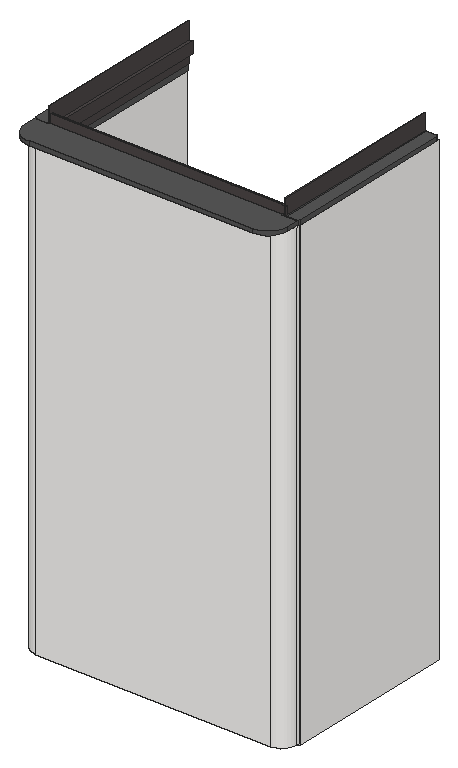
Revit family "vanity unit for handrinse basin, door hinge", category Furniture, Revit 2019 (continued)
Definition of nested family "vanity unit 340_245 for handrinse basin, door hinge right-54015000-high gloss white-chrome-200_content"
  Parameters (values of type "Vanity unit 340_245 for handrinse basin, door hinge right-54015000-High Gloss White-CHROME-200_Content")
    etim7_EC011381 = "EC011381"
    WEIGHT = "9.9"
    UNSPSC = "56 | Furniture and Furnishings"
    UNIFORMATII = "E2010 | Fixed Furnishings"
    UNICLASS_2015_CODE = "40_30_78_05"
    UNICLASS2015 = "Pr_40_30_78_05 | Bathroom furniture"
    SURFACE = "CHROME"
    REGIONSET = "Worldwide"
    PRODUCTURL = "https://pro.hansgrohe.com/articledetail--54015000"
    PRODUCTGROUP = "vanity unit"
    PRODUCTFAMILY = "Xelu Q"
    PERMALINK = "54015XXX"
    OMNICLASS = "23-21 19 15 33 13 | Residential Bathroom Specialty Casework"
    OBJECTTYPE = "Object (single object)"
    OBERFLAECHE = "High Gloss White"
    NN = "Vanity Unit for handrinse basin, door hinge"
    NBSYN = "$BASENUMBER.-$ARTNR.-$OBERFLAECHE.-$SURFACE.-$LODLEVEL."
    NB = "Vanity unit 340/245 for handrinse basin, door hinge right-54015000-High Gloss White-CHROME-200"
    NAME = "Xelu Q Vanity unit High Gloss White 340/245 for handrinse basin, door hinge right"
    Model = "Vanity unit 340/245 for handrinse basin, door hinge right-54015000-High Gloss White-CHROME-200"
    Manufacturer = "Hansgrohe"
    MASTERFORMAT = "12 35 30.23 | Bathroom Casework"
    LODLEVEL = "200"
    LINA = "Vanity unit 340/245 for handrinse basin, door hinge right-54015000-High Gloss White-CHROME-200"
    L = 340
    IFC = "Furnishing element"
    GTINCODE = "4059625455012"
    ETIM = "EC011381 | Bathroom furniture set"
    Default Elevation = 1219.2 mm
    DESIGN = "Germany"
    ContentVisible [instance] = yes
    CATALOG = "Hansgrohe"
    BIMOBJECT = "Sanitary: Compound units"
    BASENUMBER = "Vanity unit 340/245 for handrinse basin, door hinge right"
    ARTNR = "54015000"
  Reference planes
    plane 1 "Center (Front/Back)": y = 0
    plane 2: z = 0
    plane 3 "Center (Left/Right)": x = 0
  Forms (mm)
    Extrusion 1, solid, visible <- "ContentVisible", detail levels medium+fine
      sketch origin (0, 0, 0) x (1, 0, 0) y (0, 1, 0)
        loop
          line (-170, 0) -> (-170, -246) -> (170, -246) -> (170, 0) -> (154, 0) -> (154, -72) -> (-154, -72) -> (-154, 0) -> (-170, 0)
      from 0 to 600
    Extrusion 2, solid, visible <- "ContentVisible", detail levels medium+fine
      sketch origin (0, 0, 600) x (1, 0, 0) y (0, 1, 0)
        loop
          line (-168.5, -223.5) -> (-168.5, -266) -> (168.5, -266) -> (168.5, -223.5) -> (-168.5, -223.5)
      from 0 to 5
    Extrusion 3, solid, visible <- "ContentVisible", detail levels medium+fine
      sketch origin (0, 0, 0) x (1, 0, 0) y (0, 0, -1)
        loop
          line (-154, -566.8) -> (-154, -605) -> (-152.5, -605) -> (-152.5, -566.8) -> (-154, -566.8)
      from -225 to 0
    Extrusion 4, solid, visible <- "ContentVisible", detail levels medium+fine
      sketch origin (0, 0, 0) x (1, 0, 0) y (0, 0, -1)
        loop
          line (152.5, -566.8) -> (152.5, -605) -> (154, -605) -> (154, -566.8) -> (152.5, -566.8)
      from -225 to 0
    Extrusion 5, solid, visible <- "ContentVisible", detail levels medium+fine
      sketch origin (0, 0, 600) x (1, 0, 0) y (0, 1, 0)
        loop
          line (-170, 0) -> (-170, -225) -> (-154, -225) -> (-154, 0) -> (-170, 0)
      from 0 to 5
    Extrusion 6, solid, visible <- "ContentVisible", detail levels medium+fine
      sketch origin (0, 0, 600) x (1, 0, 0) y (0, 1, 0)
        loop
          line (154, 0) -> (154, -225) -> (170, -225) -> (170, 0) -> (154, 0)
      from 0 to 5
    Extrusion 7, solid, visible <- "ContentVisible", detail levels medium+fine
      sketch origin (0, 0, 0) x (1, 0, 0) y (0, 0, -1)
        loop
          line (-152.5, -575.3) -> (-152.5, -624.5) -> (-146.4, -624.5) -> (-146.4, -575.3) -> (-152.5, -575.3)
      from -223.5 to 0
    Extrusion 8, solid, visible <- "ContentVisible", detail levels medium+fine
      sketch origin (0, 0, 0) x (1, 0, 0) y (0, 0, -1)
        loop
          line (146.4, -575.3) -> (146.4, -624.5) -> (152.5, -624.5) -> (152.5, -575.3) -> (146.4, -575.3)
      from -223.5 to 0
    Extrusion 9, solid, visible <- "ContentVisible", detail levels medium+fine
      sketch origin (0, 0, 0) x (0, 0, -1) y (0, 1, 0)
        loop
          line (-616, -223.5) -> (-567, -223.5) -> (-567, -217.4) -> (-616, -217.4) -> (-616, -223.5)
      from -152.5 to 152.5
    Extrusion 10, solid, visible <- "ContentVisible", detail levels coarse
      sketch origin (0, -133, 0) x (1, 0, 0) y (0, 1, 0)
        loop
          line (-170, -133) -> (170, -133) -> (170, 133) -> (-170, 133) -> (-170, -133)
      from 0 to 624.5
  Dimensions and locks
    aligned and locked: level to plane 2
Definition of nested family "vanity unit 340_245 for handrinse basin, door hinge right-54015000-high gloss white-chrome-400_content"
  Parameters (values of type "Vanity unit 340_245 for handrinse basin, door hinge right-54015000-High Gloss White-CHROME-400_Content")
    etim7_EC011381 = "EC011381"
    WEIGHT = "9.9"
    UNSPSC = "56 | Furniture and Furnishings"
    UNIFORMATII = "E2010 | Fixed Furnishings"
    UNICLASS_2015_CODE = "40_30_78_05"
    UNICLASS2015 = "Pr_40_30_78_05 | Bathroom furniture"
    SURFACE = "CHROME"
    REGIONSET = "Worldwide"
    PRODUCTURL = "https://pro.hansgrohe.com/articledetail--54015000"
    PRODUCTGROUP = "vanity unit"
    PRODUCTFAMILY = "Xelu Q"
    PERMALINK = "54015XXX"
    OMNICLASS = "23-21 19 15 33 13 | Residential Bathroom Specialty Casework"
    OBJECTTYPE = "Object (single object)"
    OBERFLAECHE = "High Gloss White"
    NN = "Vanity Unit for handrinse basin, door hinge"
    NBSYN = "$BASENUMBER.-$ARTNR.-$OBERFLAECHE.-$SURFACE.-$LODLEVEL."
    NB = "Vanity unit 340/245 for handrinse basin, door hinge right-54015000-High Gloss White-CHROME-400"
    NAME = "Xelu Q Vanity unit High Gloss White 340/245 for handrinse basin, door hinge right"
    Model = "Vanity unit 340/245 for handrinse basin, door hinge right-54015000-High Gloss White-CHROME-400"
    Manufacturer = "Hansgrohe"
    MASTERFORMAT = "12 35 30.23 | Bathroom Casework"
    LODLEVEL = "400"
    LINA = "Vanity unit 340/245 for handrinse basin, door hinge right-54015000-High Gloss White-CHROME-400"
    L = 340
    IFC = "Furnishing element"
    GTINCODE = "4059625455012"
    ETIM = "EC011381 | Bathroom furniture set"
    Default Elevation = 1219.2 mm
    DESIGN = "Germany"
    ContentVisible [instance] = yes
    CATALOG = "Hansgrohe"
    BIMOBJECT = "Sanitary: Compound units"
    BASENUMBER = "Vanity unit 340/245 for handrinse basin, door hinge right"
    ARTNR = "54015000"
  Reference planes
    plane 1 "Center (Front/Back)": y = 0
    plane 2: z = 0
    plane 3 "Center (Left/Right)": x = 0
  Forms (mm)
    Extrusion 1, solid, visible <- "ContentVisible", detail levels medium+fine
      sketch origin (0, 0, 0) x (1, 0, 0) y (0, 1, 0)
        loop
          line (-170, 0) -> (-170, -222)
          arc (-170, -222) -> (-169.121, -224.121) -> (-167, -225) r 3
          line (-167, -225) -> (-154, -225) -> (-154, 0) -> (-170, 0)
      from 0 to 600
    Extrusion 2, solid, visible <- "ContentVisible", detail levels medium+fine
      sketch origin (0, 0, 2) x (1, 0, 0) y (0, 1, 0)
        loop
          line (-154, -88) -> (-154, -225) -> (154, -225) -> (154, -88) -> (-154, -88)
      from 0 to 16
    Extrusion 3, solid, visible <- "ContentVisible", detail levels medium+fine
      sketch origin (0, 0, 0) x (1, 0, 0) y (0, 1, 0)
        loop
          line (154, 0) -> (154, -225) -> (167, -225)
          arc (167, -225) -> (169.121, -224.121) -> (170, -222) r 3
          line (170, -222) -> (170, 0) -> (154, 0)
      from 0 to 600
    Extrusion 4, solid, visible <- "ContentVisible", detail levels medium+fine
      sketch origin (0, 0, 2) x (1, 0, 0) y (0, 1, 0)
        loop
          line (-154, -72) -> (-154, -88) -> (154, -88) -> (154, -72) -> (-154, -72)
      from 0 to 126
    Extrusion 5, solid, visible <- "ContentVisible", detail levels medium+fine
      sketch origin (0, 0, 2) x (1, 0, 0) y (0, 1, 0)
        loop
          arc (-170, -227) -> (-164.435, -240.435) -> (-151, -246) r 19
          line (-151, -246) -> (151, -246)
          arc (151, -246) -> (164.435, -240.435) -> (170, -227) r 19
          line (170, -227) -> (170, -225) -> (-170, -225) -> (-170, -227)
      from 0 to 598
    Extrusion 6, solid, visible <- "ContentVisible", detail levels medium+fine
      sketch origin (0, 0, 600) x (1, 0, 0) y (0, 1, 0)
        loop
          line (-168.5, -225) -> (-168.5, -241)
          arc (-168.5, -241) -> (-161.178, -258.678) -> (-143.5, -266) r 25
          line (-143.5, -266) -> (143.5, -266)
          arc (143.5, -266) -> (161.178, -258.678) -> (168.5, -241) r 25
          line (168.5, -241) -> (168.5, -225) -> (148.5, -225) -> (148.5, -223.5) -> (-148.5, -223.5) -> (-148.5, -225) -> (-168.5, -225)
      from 0 to 5
    Extrusion 7, solid, visible <- "ContentVisible", detail levels medium+fine
      sketch origin (0, 0, 0) x (0, 0, -1) y (0, 1, 0)
        loop
          line (-600, -223.5) -> (-600, -225) -> (-570, -225) -> (-570, -223.5) -> (-600, -223.5)
      from -148.5 to 148.5
    Extrusion 8, solid, visible <- "ContentVisible", detail levels medium+fine
      sketch origin (0, 0, 0) x (1, 0, 0) y (0, 0, -1)
        loop
          line (-154, -566.8) -> (-154, -605) -> (-152.5, -605) -> (-152.5, -566.8) -> (-154, -566.8)
      from -225 to 0
    Extrusion 9, solid, visible <- "ContentVisible", detail levels medium+fine
      sketch origin (0, 0, 0) x (1, 0, 0) y (0, 0, -1)
        loop
          line (152.5, -566.8) -> (152.5, -605) -> (154, -605) -> (154, -566.8) -> (152.5, -566.8)
      from -225 to 0
    Extrusion 10, solid, visible <- "ContentVisible", detail levels medium+fine
      sketch origin (0, 0, 600) x (1, 0, 0) y (0, 1, 0)
        loop
          line (-170, -3) -> (-170, -222)
          arc (-170, -222) -> (-169.121, -224.121) -> (-167, -225) r 3
          line (-167, -225) -> (-154, -225) -> (-154, 0) -> (-167, 0)
          arc (-167, 0) -> (-169.121, -0.879) -> (-170, -3) r 3
      from 0 to 5
    Extrusion 11, solid, visible <- "ContentVisible", detail levels medium+fine
      sketch origin (0, 0, 600) x (1, 0, 0) y (0, 1, 0)
        loop
          line (154, 0) -> (154, -225) -> (167, -225)
          arc (167, -225) -> (169.121, -224.121) -> (170, -222) r 3
          line (170, -222) -> (170, -3)
          arc (170, -3) -> (169.121, -0.879) -> (167, 0) r 3
          line (167, 0) -> (154, 0)
      from 0 to 5
    Extrusion 12, solid, visible <- "ContentVisible", detail levels medium+fine
      sketch origin (0, 0, 0) x (1, 0, 0) y (0, 0, -1)
        loop
          line (-152.5, -575.3) -> (-152.5, -624.5) -> (-151, -624.5) -> (-151, -602.8) -> (-146.4, -602.8) -> (-146.4, -588.3) -> (-151, -588.3) -> (-151, -575.3) -> (-152.5, -575.3)
      from -223.5 to 0
    Extrusion 13, solid, visible <- "ContentVisible", detail levels medium+fine
      sketch origin (0, 0, 0) x (1, 0, 0) y (0, 0, -1)
        loop
          line (146.4, -588.3) -> (146.4, -602.8) -> (151, -602.8) -> (151, -624.5) -> (152.5, -624.5) -> (152.5, -575.3) -> (151, -575.3) -> (151, -588.3) -> (146.4, -588.3)
      from -223.5 to 0
    Extrusion 14, solid, visible <- "ContentVisible", detail levels medium+fine
      sketch origin (0, 0, 0) x (0, 0, -1) y (0, 1, 0)
        loop
          line (-616, -223.5) -> (-567, -223.5) -> (-567, -222) -> (-588.5, -222) -> (-588.5, -217.4) -> (-603, -217.4) -> (-603, -222) -> (-616, -222) -> (-616, -223.5)
      from -152.5 to 152.5
    Extrusion 15, solid, visible <- "ContentVisible", detail levels coarse
      sketch origin (0, -133, 0) x (1, 0, 0) y (0, 1, 0)
        loop
          line (-170, -133) -> (170, -133) -> (170, 133) -> (-170, 133) -> (-170, -133)
      from 0 to 624.5
  Dimensions and locks
    aligned and locked: level to plane 2
Definition of nested family "vanity unit 340_245 for handrinse basin, door hinge right-54015670-high gloss white-matt_black-200_content"
  Parameters (values of type "Vanity unit 340_245 for handrinse basin, door hinge right-54015670-High Gloss White-MATT_BLACK-200_Content")
    etim7_EC011381 = "EC011381"
    WEIGHT = "9.9"
    UNSPSC = "56 | Furniture and Furnishings"
    UNIFORMATII = "E2010 | Fixed Furnishings"
    UNICLASS_2015_CODE = "40_30_78_05"
    UNICLASS2015 = "Pr_40_30_78_05 | Bathroom furniture"
    SURFACE = "MATT_BLACK"
    REGIONSET = "Worldwide"
    PRODUCTURL = "https://pro.hansgrohe.com/articledetail--54015000"
    PRODUCTGROUP = "vanity unit"
    PRODUCTFAMILY = "Xelu Q"
    PERMALINK = "54015XXX"
    OMNICLASS = "23-21 19 15 33 13 | Residential Bathroom Specialty Casework"
    OBJECTTYPE = "Object (single object)"
    OBERFLAECHE = "High Gloss White"
    NN = "Vanity Unit for handrinse basin, door hinge"
    NBSYN = "$BASENUMBER.-$ARTNR.-$OBERFLAECHE.-$SURFACE.-$LODLEVEL."
    NB = "Vanity unit 340/245 for handrinse basin, door hinge right-54015670-High Gloss White-MATT_BLACK-200"
    NAME = "Xelu Q Vanity unit High Gloss White 340/245 for handrinse basin, door hinge right"
    Model = "Vanity unit 340/245 for handrinse basin, door hinge right-54015670-High Gloss White-MATT_BLACK-200"
    Manufacturer = "Hansgrohe"
    MASTERFORMAT = "12 35 30.23 | Bathroom Casework"
    LODLEVEL = "200"
    LINA = "Vanity unit 340/245 for handrinse basin, door hinge right-54015670-High Gloss White-MATT_BLACK-200"
    L = 340
    IFC = "Furnishing element"
    GTINCODE = "4059625455012"
    ETIM = "EC011381 | Bathroom furniture set"
    Default Elevation = 1219.2 mm
    DESIGN = "Germany"
    ContentVisible [instance] = yes
    CATALOG = "Hansgrohe"
    BIMOBJECT = "Sanitary: Compound units"
    BASENUMBER = "Vanity unit 340/245 for handrinse basin, door hinge right"
    ARTNR = "54015670"
  Reference planes
    plane 1 "Center (Front/Back)": y = 0
    plane 2: z = 0
    plane 3 "Center (Left/Right)": x = 0
  Forms (mm)
    Extrusion 1, solid, visible <- "ContentVisible", detail levels medium+fine
      sketch origin (0, 0, 0) x (1, 0, 0) y (0, 1, 0)
        loop
          line (-170, 0) -> (-170, -246) -> (170, -246) -> (170, 0) -> (154, 0) -> (154, -72) -> (-154, -72) -> (-154, 0) -> (-170, 0)
      from 0 to 600
    Extrusion 2, solid, visible <- "ContentVisible", detail levels medium+fine
      sketch origin (0, 0, 600) x (1, 0, 0) y (0, 1, 0)
        loop
          line (-168.5, -223.5) -> (-168.5, -266) -> (168.5, -266) -> (168.5, -223.5) -> (-168.5, -223.5)
      from 0 to 5
    Extrusion 3, solid, visible <- "ContentVisible", detail levels medium+fine
      sketch origin (0, 0, 0) x (1, 0, 0) y (0, 0, -1)
        loop
          line (-154, -566.8) -> (-154, -605) -> (-152.5, -605) -> (-152.5, -566.8) -> (-154, -566.8)
      from -225 to 0
    Extrusion 4, solid, visible <- "ContentVisible", detail levels medium+fine
      sketch origin (0, 0, 0) x (1, 0, 0) y (0, 0, -1)
        loop
          line (152.5, -566.8) -> (152.5, -605) -> (154, -605) -> (154, -566.8) -> (152.5, -566.8)
      from -225 to 0
    Extrusion 5, solid, visible <- "ContentVisible", detail levels medium+fine
      sketch origin (0, 0, 600) x (1, 0, 0) y (0, 1, 0)
        loop
          line (-170, 0) -> (-170, -225) -> (-154, -225) -> (-154, 0) -> (-170, 0)
      from 0 to 5
    Extrusion 6, solid, visible <- "ContentVisible", detail levels medium+fine
      sketch origin (0, 0, 600) x (1, 0, 0) y (0, 1, 0)
        loop
          line (154, 0) -> (154, -225) -> (170, -225) -> (170, 0) -> (154, 0)
      from 0 to 5
    Extrusion 7, solid, visible <- "ContentVisible", detail levels medium+fine
      sketch origin (0, 0, 0) x (1, 0, 0) y (0, 0, -1)
        loop
          line (-152.5, -575.3) -> (-152.5, -624.5) -> (-146.4, -624.5) -> (-146.4, -575.3) -> (-152.5, -575.3)
      from -223.5 to 0
    Extrusion 8, solid, visible <- "ContentVisible", detail levels medium+fine
      sketch origin (0, 0, 0) x (1, 0, 0) y (0, 0, -1)
        loop
          line (146.4, -575.3) -> (146.4, -624.5) -> (152.5, -624.5) -> (152.5, -575.3) -> (146.4, -575.3)
      from -223.5 to 0
    Extrusion 9, solid, visible <- "ContentVisible", detail levels medium+fine
      sketch origin (0, 0, 0) x (0, 0, -1) y (0, 1, 0)
        loop
          line (-616, -223.5) -> (-567, -223.5) -> (-567, -217.4) -> (-616, -217.4) -> (-616, -223.5)
      from -152.5 to 152.5
    Extrusion 10, solid, visible <- "ContentVisible", detail levels coarse
      sketch origin (0, -133, 0) x (1, 0, 0) y (0, 1, 0)
        loop
          line (-170, -133) -> (170, -133) -> (170, 133) -> (-170, 133) -> (-170, -133)
      from 0 to 624.5
  Dimensions and locks
    aligned and locked: level to plane 2
Definition of nested family "vanity unit 340_245 for handrinse basin, door hinge right-54015670-high gloss white-matt_black-400_content"
  Parameters (values of type "Vanity unit 340_245 for handrinse basin, door hinge right-54015670-High Gloss White-MATT_BLACK-400_Content")
    etim7_EC011381 = "EC011381"
    WEIGHT = "9.9"
    UNSPSC = "56 | Furniture and Furnishings"
    UNIFORMATII = "E2010 | Fixed Furnishings"
    UNICLASS_2015_CODE = "40_30_78_05"
    UNICLASS2015 = "Pr_40_30_78_05 | Bathroom furniture"
    SURFACE = "MATT_BLACK"
    REGIONSET = "Worldwide"
    PRODUCTURL = "https://pro.hansgrohe.com/articledetail--54015000"
    PRODUCTGROUP = "vanity unit"
    PRODUCTFAMILY = "Xelu Q"
    PERMALINK = "54015XXX"
    OMNICLASS = "23-21 19 15 33 13 | Residential Bathroom Specialty Casework"
    OBJECTTYPE = "Object (single object)"
    OBERFLAECHE = "High Gloss White"
    NN = "Vanity Unit for handrinse basin, door hinge"
    NBSYN = "$BASENUMBER.-$ARTNR.-$OBERFLAECHE.-$SURFACE.-$LODLEVEL."
    NB = "Vanity unit 340/245 for handrinse basin, door hinge right-54015670-High Gloss White-MATT_BLACK-400"
    NAME = "Xelu Q Vanity unit High Gloss White 340/245 for handrinse basin, door hinge right"
    Model = "Vanity unit 340/245 for handrinse basin, door hinge right-54015670-High Gloss White-MATT_BLACK-400"
    Manufacturer = "Hansgrohe"
    MASTERFORMAT = "12 35 30.23 | Bathroom Casework"
    LODLEVEL = "400"
    LINA = "Vanity unit 340/245 for handrinse basin, door hinge right-54015670-High Gloss White-MATT_BLACK-400"
    L = 340
    IFC = "Furnishing element"
    GTINCODE = "4059625455012"
    ETIM = "EC011381 | Bathroom furniture set"
    Default Elevation = 1219.2 mm
    DESIGN = "Germany"
    ContentVisible [instance] = yes
    CATALOG = "Hansgrohe"
    BIMOBJECT = "Sanitary: Compound units"
    BASENUMBER = "Vanity unit 340/245 for handrinse basin, door hinge right"
    ARTNR = "54015670"
  Reference planes
    plane 1 "Center (Front/Back)": y = 0
    plane 2: z = 0
    plane 3 "Center (Left/Right)": x = 0
  Forms (mm)
    Extrusion 1, solid, visible <- "ContentVisible", detail levels medium+fine
      sketch origin (0, 0, 0) x (1, 0, 0) y (0, 1, 0)
        loop
          line (-170, 0) -> (-170, -222)
          arc (-170, -222) -> (-169.121, -224.121) -> (-167, -225) r 3
          line (-167, -225) -> (-154, -225) -> (-154, 0) -> (-170, 0)
      from 0 to 600
    Extrusion 2, solid, visible <- "ContentVisible", detail levels medium+fine
      sketch origin (0, 0, 2) x (1, 0, 0) y (0, 1, 0)
        loop
          line (-154, -88) -> (-154, -225) -> (154, -225) -> (154, -88) -> (-154, -88)
      from 0 to 16
    Extrusion 3, solid, visible <- "ContentVisible", detail levels medium+fine
      sketch origin (0, 0, 0) x (1, 0, 0) y (0, 1, 0)
        loop
          line (154, 0) -> (154, -225) -> (167, -225)
          arc (167, -225) -> (169.121, -224.121) -> (170, -222) r 3
          line (170, -222) -> (170, 0) -> (154, 0)
      from 0 to 600
    Extrusion 4, solid, visible <- "ContentVisible", detail levels medium+fine
      sketch origin (0, 0, 2) x (1, 0, 0) y (0, 1, 0)
        loop
          line (-154, -72) -> (-154, -88) -> (154, -88) -> (154, -72) -> (-154, -72)
      from 0 to 126
    Extrusion 5, solid, visible <- "ContentVisible", detail levels medium+fine
      sketch origin (0, 0, 2) x (1, 0, 0) y (0, 1, 0)
        loop
          arc (-170, -227) -> (-164.435, -240.435) -> (-151, -246) r 19
          line (-151, -246) -> (151, -246)
          arc (151, -246) -> (164.435, -240.435) -> (170, -227) r 19
          line (170, -227) -> (170, -225) -> (-170, -225) -> (-170, -227)
      from 0 to 598
    Extrusion 6, solid, visible <- "ContentVisible", detail levels medium+fine
      sketch origin (0, 0, 600) x (1, 0, 0) y (0, 1, 0)
        loop
          line (-168.5, -225) -> (-168.5, -241)
          arc (-168.5, -241) -> (-161.178, -258.678) -> (-143.5, -266) r 25
          line (-143.5, -266) -> (143.5, -266)
          arc (143.5, -266) -> (161.178, -258.678) -> (168.5, -241) r 25
          line (168.5, -241) -> (168.5, -225) -> (148.5, -225) -> (148.5, -223.5) -> (-148.5, -223.5) -> (-148.5, -225) -> (-168.5, -225)
      from 0 to 5
    Extrusion 7, solid, visible <- "ContentVisible", detail levels medium+fine
      sketch origin (0, 0, 0) x (0, 0, -1) y (0, 1, 0)
        loop
          line (-600, -223.5) -> (-600, -225) -> (-570, -225) -> (-570, -223.5) -> (-600, -223.5)
      from -148.5 to 148.5
    Extrusion 8, solid, visible <- "ContentVisible", detail levels medium+fine
      sketch origin (0, 0, 0) x (1, 0, 0) y (0, 0, -1)
        loop
          line (-154, -566.8) -> (-154, -605) -> (-152.5, -605) -> (-152.5, -566.8) -> (-154, -566.8)
      from -225 to 0
    Extrusion 9, solid, visible <- "ContentVisible", detail levels medium+fine
      sketch origin (0, 0, 0) x (1, 0, 0) y (0, 0, -1)
        loop
          line (152.5, -566.8) -> (152.5, -605) -> (154, -605) -> (154, -566.8) -> (152.5, -566.8)
      from -225 to 0
    Extrusion 10, solid, visible <- "ContentVisible", detail levels medium+fine
      sketch origin (0, 0, 600) x (1, 0, 0) y (0, 1, 0)
        loop
          line (-170, -3) -> (-170, -222)
          arc (-170, -222) -> (-169.121, -224.121) -> (-167, -225) r 3
          line (-167, -225) -> (-154, -225) -> (-154, 0) -> (-167, 0)
          arc (-167, 0) -> (-169.121, -0.879) -> (-170, -3) r 3
      from 0 to 5
    Extrusion 11, solid, visible <- "ContentVisible", detail levels medium+fine
      sketch origin (0, 0, 600) x (1, 0, 0) y (0, 1, 0)
        loop
          line (154, 0) -> (154, -225) -> (167, -225)
          arc (167, -225) -> (169.121, -224.121) -> (170, -222) r 3
          line (170, -222) -> (170, -3)
          arc (170, -3) -> (169.121, -0.879) -> (167, 0) r 3
          line (167, 0) -> (154, 0)
      from 0 to 5
    Extrusion 12, solid, visible <- "ContentVisible", detail levels medium+fine
      sketch origin (0, 0, 0) x (1, 0, 0) y (0, 0, -1)
        loop
          line (-152.5, -575.3) -> (-152.5, -624.5) -> (-151, -624.5) -> (-151, -602.8) -> (-146.4, -602.8) -> (-146.4, -588.3) -> (-151, -588.3) -> (-151, -575.3) -> (-152.5, -575.3)
      from -223.5 to 0
    Extrusion 13, solid, visible <- "ContentVisible", detail levels medium+fine
      sketch origin (0, 0, 0) x (1, 0, 0) y (0, 0, -1)
        loop
          line (146.4, -588.3) -> (146.4, -602.8) -> (151, -602.8) -> (151, -624.5) -> (152.5, -624.5) -> (152.5, -575.3) -> (151, -575.3) -> (151, -588.3) -> (146.4, -588.3)
      from -223.5 to 0
    Extrusion 14, solid, visible <- "ContentVisible", detail levels medium+fine
      sketch origin (0, 0, 0) x (0, 0, -1) y (0, 1, 0)
        loop
          line (-616, -223.5) -> (-567, -223.5) -> (-567, -222) -> (-588.5, -222) -> (-588.5, -217.4) -> (-603, -217.4) -> (-603, -222) -> (-616, -222) -> (-616, -223.5)
      from -152.5 to 152.5
    Extrusion 15, solid, visible <- "ContentVisible", detail levels coarse
      sketch origin (0, -133, 0) x (1, 0, 0) y (0, 1, 0)
        loop
          line (-170, -133) -> (170, -133) -> (170, 133) -> (-170, 133) -> (-170, -133)
      from 0 to 624.5
  Dimensions and locks
    aligned and locked: level to plane 2
Definition of nested family "vanity unit 340_245 for handrinse basin, door hinge right-54015700-high gloss white-matt_white-200_content"
  Parameters (values of type "Vanity unit 340_245 for handrinse basin, door hinge right-54015700-High Gloss White-MATT_WHITE-200_Content")
    etim7_EC011381 = "EC011381"
    WEIGHT = "9.9"
    UNSPSC = "56 | Furniture and Furnishings"
    UNIFORMATII = "E2010 | Fixed Furnishings"
    UNICLASS_2015_CODE = "40_30_78_05"
    UNICLASS2015 = "Pr_40_30_78_05 | Bathroom furniture"
    SURFACE = "MATT_WHITE"
    REGIONSET = "Worldwide"
    PRODUCTURL = "https://pro.hansgrohe.com/articledetail--54015000"
    PRODUCTGROUP = "vanity unit"
    PRODUCTFAMILY = "Xelu Q"
    PERMALINK = "54015XXX"
    OMNICLASS = "23-21 19 15 33 13 | Residential Bathroom Specialty Casework"
    OBJECTTYPE = "Object (single object)"
    OBERFLAECHE = "High Gloss White"
    NN = "Vanity Unit for handrinse basin, door hinge"
    NBSYN = "$BASENUMBER.-$ARTNR.-$OBERFLAECHE.-$SURFACE.-$LODLEVEL."
    NB = "Vanity unit 340/245 for handrinse basin, door hinge right-54015700-High Gloss White-MATT_WHITE-200"
    NAME = "Xelu Q Vanity unit High Gloss White 340/245 for handrinse basin, door hinge right"
    Model = "Vanity unit 340/245 for handrinse basin, door hinge right-54015700-High Gloss White-MATT_WHITE-200"
    Manufacturer = "Hansgrohe"
    MASTERFORMAT = "12 35 30.23 | Bathroom Casework"
    LODLEVEL = "200"
    LINA = "Vanity unit 340/245 for handrinse basin, door hinge right-54015700-High Gloss White-MATT_WHITE-200"
    L = 340
    IFC = "Furnishing element"
    GTINCODE = "4059625455012"
    ETIM = "EC011381 | Bathroom furniture set"
    Default Elevation = 1219.2 mm
    DESIGN = "Germany"
    ContentVisible [instance] = yes
    CATALOG = "Hansgrohe"
    BIMOBJECT = "Sanitary: Compound units"
    BASENUMBER = "Vanity unit 340/245 for handrinse basin, door hinge right"
    ARTNR = "54015700"
  Reference planes
    plane 1 "Center (Front/Back)": y = 0
    plane 2: z = 0
    plane 3 "Center (Left/Right)": x = 0
  Forms (mm)
    Extrusion 1, solid, visible <- "ContentVisible", detail levels medium+fine
      sketch origin (0, 0, 0) x (1, 0, 0) y (0, 1, 0)
        loop
          line (-170, 0) -> (-170, -246) -> (170, -246) -> (170, 0) -> (154, 0) -> (154, -72) -> (-154, -72) -> (-154, 0) -> (-170, 0)
      from 0 to 600
    Extrusion 2, solid, visible <- "ContentVisible", detail levels medium+fine
      sketch origin (0, 0, 600) x (1, 0, 0) y (0, 1, 0)
        loop
          line (-168.5, -223.5) -> (-168.5, -266) -> (168.5, -266) -> (168.5, -223.5) -> (-168.5, -223.5)
      from 0 to 5
    Extrusion 3, solid, visible <- "ContentVisible", detail levels medium+fine
      sketch origin (0, 0, 0) x (1, 0, 0) y (0, 0, -1)
        loop
          line (-154, -566.8) -> (-154, -605) -> (-152.5, -605) -> (-152.5, -566.8) -> (-154, -566.8)
      from -225 to 0
    Extrusion 4, solid, visible <- "ContentVisible", detail levels medium+fine
      sketch origin (0, 0, 0) x (1, 0, 0) y (0, 0, -1)
        loop
          line (152.5, -566.8) -> (152.5, -605) -> (154, -605) -> (154, -566.8) -> (152.5, -566.8)
      from -225 to 0
    Extrusion 5, solid, visible <- "ContentVisible", detail levels medium+fine
      sketch origin (0, 0, 600) x (1, 0, 0) y (0, 1, 0)
        loop
          line (-170, 0) -> (-170, -225) -> (-154, -225) -> (-154, 0) -> (-170, 0)
      from 0 to 5
    Extrusion 6, solid, visible <- "ContentVisible", detail levels medium+fine
      sketch origin (0, 0, 600) x (1, 0, 0) y (0, 1, 0)
        loop
          line (154, 0) -> (154, -225) -> (170, -225) -> (170, 0) -> (154, 0)
      from 0 to 5
    Extrusion 7, solid, visible <- "ContentVisible", detail levels medium+fine
      sketch origin (0, 0, 0) x (1, 0, 0) y (0, 0, -1)
        loop
          line (-152.5, -575.3) -> (-152.5, -624.5) -> (-146.4, -624.5) -> (-146.4, -575.3) -> (-152.5, -575.3)
      from -223.5 to 0
    Extrusion 8, solid, visible <- "ContentVisible", detail levels medium+fine
      sketch origin (0, 0, 0) x (1, 0, 0) y (0, 0, -1)
        loop
          line (146.4, -575.3) -> (146.4, -624.5) -> (152.5, -624.5) -> (152.5, -575.3) -> (146.4, -575.3)
      from -223.5 to 0
    Extrusion 9, solid, visible <- "ContentVisible", detail levels medium+fine
      sketch origin (0, 0, 0) x (0, 0, -1) y (0, 1, 0)
        loop
          line (-616, -223.5) -> (-567, -223.5) -> (-567, -217.4) -> (-616, -217.4) -> (-616, -223.5)
      from -152.5 to 152.5
    Extrusion 10, solid, visible <- "ContentVisible", detail levels coarse
      sketch origin (0, -133, 0) x (1, 0, 0) y (0, 1, 0)
        loop
          line (-170, -133) -> (170, -133) -> (170, 133) -> (-170, 133) -> (-170, -133)
      from 0 to 624.5
  Dimensions and locks
    aligned and locked: level to plane 2
Definition of nested family "vanity unit 340_245 for handrinse basin, door hinge right-54015700-high gloss white-matt_white-400_content"
  Parameters (values of type "Vanity unit 340_245 for handrinse basin, door hinge right-54015700-High Gloss White-MATT_WHITE-400_Content")
    etim7_EC011381 = "EC011381"
    WEIGHT = "9.9"
    UNSPSC = "56 | Furniture and Furnishings"
    UNIFORMATII = "E2010 | Fixed Furnishings"
    UNICLASS_2015_CODE = "40_30_78_05"
    UNICLASS2015 = "Pr_40_30_78_05 | Bathroom furniture"
    SURFACE = "MATT_WHITE"
    REGIONSET = "Worldwide"
    PRODUCTURL = "https://pro.hansgrohe.com/articledetail--54015000"
    PRODUCTGROUP = "vanity unit"
    PRODUCTFAMILY = "Xelu Q"
    PERMALINK = "54015XXX"
    OMNICLASS = "23-21 19 15 33 13 | Residential Bathroom Specialty Casework"
    OBJECTTYPE = "Object (single object)"
    OBERFLAECHE = "High Gloss White"
    NN = "Vanity Unit for handrinse basin, door hinge"
    NBSYN = "$BASENUMBER.-$ARTNR.-$OBERFLAECHE.-$SURFACE.-$LODLEVEL."
    NB = "Vanity unit 340/245 for handrinse basin, door hinge right-54015700-High Gloss White-MATT_WHITE-400"
    NAME = "Xelu Q Vanity unit High Gloss White 340/245 for handrinse basin, door hinge right"
    Model = "Vanity unit 340/245 for handrinse basin, door hinge right-54015700-High Gloss White-MATT_WHITE-400"
    Manufacturer = "Hansgrohe"
    MASTERFORMAT = "12 35 30.23 | Bathroom Casework"
    LODLEVEL = "400"
    LINA = "Vanity unit 340/245 for handrinse basin, door hinge right-54015700-High Gloss White-MATT_WHITE-400"
    L = 340
    IFC = "Furnishing element"
    GTINCODE = "4059625455012"
    ETIM = "EC011381 | Bathroom furniture set"
    Default Elevation = 1219.2 mm
    DESIGN = "Germany"
    ContentVisible [instance] = yes
    CATALOG = "Hansgrohe"
    BIMOBJECT = "Sanitary: Compound units"
    BASENUMBER = "Vanity unit 340/245 for handrinse basin, door hinge right"
    ARTNR = "54015700"
  Reference planes
    plane 1 "Center (Front/Back)": y = 0
    plane 2: z = 0
    plane 3 "Center (Left/Right)": x = 0
  Forms (mm)
    Extrusion 1, solid, visible <- "ContentVisible", detail levels medium+fine
      sketch origin (0, 0, 0) x (1, 0, 0) y (0, 1, 0)
        loop
          line (-170, 0) -> (-170, -222)
          arc (-170, -222) -> (-169.121, -224.121) -> (-167, -225) r 3
          line (-167, -225) -> (-154, -225) -> (-154, 0) -> (-170, 0)
      from 0 to 600
    Extrusion 2, solid, visible <- "ContentVisible", detail levels medium+fine
      sketch origin (0, 0, 2) x (1, 0, 0) y (0, 1, 0)
        loop
          line (-154, -88) -> (-154, -225) -> (154, -225) -> (154, -88) -> (-154, -88)
      from 0 to 16
    Extrusion 3, solid, visible <- "ContentVisible", detail levels medium+fine
      sketch origin (0, 0, 0) x (1, 0, 0) y (0, 1, 0)
        loop
          line (154, 0) -> (154, -225) -> (167, -225)
          arc (167, -225) -> (169.121, -224.121) -> (170, -222) r 3
          line (170, -222) -> (170, 0) -> (154, 0)
      from 0 to 600
    Extrusion 4, solid, visible <- "ContentVisible", detail levels medium+fine
      sketch origin (0, 0, 2) x (1, 0, 0) y (0, 1, 0)
        loop
          line (-154, -72) -> (-154, -88) -> (154, -88) -> (154, -72) -> (-154, -72)
      from 0 to 126
    Extrusion 5, solid, visible <- "ContentVisible", detail levels medium+fine
      sketch origin (0, 0, 2) x (1, 0, 0) y (0, 1, 0)
        loop
          arc (-170, -227) -> (-164.435, -240.435) -> (-151, -246) r 19
          line (-151, -246) -> (151, -246)
          arc (151, -246) -> (164.435, -240.435) -> (170, -227) r 19
          line (170, -227) -> (170, -225) -> (-170, -225) -> (-170, -227)
      from 0 to 598
    Extrusion 6, solid, visible <- "ContentVisible", detail levels medium+fine
      sketch origin (0, 0, 600) x (1, 0, 0) y (0, 1, 0)
        loop
          line (-168.5, -225) -> (-168.5, -241)
          arc (-168.5, -241) -> (-161.178, -258.678) -> (-143.5, -266) r 25
          line (-143.5, -266) -> (143.5, -266)
          arc (143.5, -266) -> (161.178, -258.678) -> (168.5, -241) r 25
          line (168.5, -241) -> (168.5, -225) -> (148.5, -225) -> (148.5, -223.5) -> (-148.5, -223.5) -> (-148.5, -225) -> (-168.5, -225)
      from 0 to 5
    Extrusion 7, solid, visible <- "ContentVisible", detail levels medium+fine
      sketch origin (0, 0, 0) x (0, 0, -1) y (0, 1, 0)
        loop
          line (-600, -223.5) -> (-600, -225) -> (-570, -225) -> (-570, -223.5) -> (-600, -223.5)
      from -148.5 to 148.5
    Extrusion 8, solid, visible <- "ContentVisible", detail levels medium+fine
      sketch origin (0, 0, 0) x (1, 0, 0) y (0, 0, -1)
        loop
          line (-154, -566.8) -> (-154, -605) -> (-152.5, -605) -> (-152.5, -566.8) -> (-154, -566.8)
      from -225 to 0
    Extrusion 9, solid, visible <- "ContentVisible", detail levels medium+fine
      sketch origin (0, 0, 0) x (1, 0, 0) y (0, 0, -1)
        loop
          line (152.5, -566.8) -> (152.5, -605) -> (154, -605) -> (154, -566.8) -> (152.5, -566.8)
      from -225 to 0
    Extrusion 10, solid, visible <- "ContentVisible", detail levels medium+fine
      sketch origin (0, 0, 600) x (1, 0, 0) y (0, 1, 0)
        loop
          line (-170, -3) -> (-170, -222)
          arc (-170, -222) -> (-169.121, -224.121) -> (-167, -225) r 3
          line (-167, -225) -> (-154, -225) -> (-154, 0) -> (-167, 0)
          arc (-167, 0) -> (-169.121, -0.879) -> (-170, -3) r 3
      from 0 to 5
    Extrusion 11, solid, visible <- "ContentVisible", detail levels medium+fine
      sketch origin (0, 0, 600) x (1, 0, 0) y (0, 1, 0)
        loop
          line (154, 0) -> (154, -225) -> (167, -225)
          arc (167, -225) -> (169.121, -224.121) -> (170, -222) r 3
          line (170, -222) -> (170, -3)
          arc (170, -3) -> (169.121, -0.879) -> (167, 0) r 3
          line (167, 0) -> (154, 0)
      from 0 to 5
    Extrusion 12, solid, visible <- "ContentVisible", detail levels medium+fine
      sketch origin (0, 0, 0) x (1, 0, 0) y (0, 0, -1)
        loop
          line (-152.5, -575.3) -> (-152.5, -624.5) -> (-151, -624.5) -> (-151, -602.8) -> (-146.4, -602.8) -> (-146.4, -588.3) -> (-151, -588.3) -> (-151, -575.3) -> (-152.5, -575.3)
      from -223.5 to 0
    Extrusion 13, solid, visible <- "ContentVisible", detail levels medium+fine
      sketch origin (0, 0, 0) x (1, 0, 0) y (0, 0, -1)
        loop
          line (146.4, -588.3) -> (146.4, -602.8) -> (151, -602.8) -> (151, -624.5) -> (152.5, -624.5) -> (152.5, -575.3) -> (151, -575.3) -> (151, -588.3) -> (146.4, -588.3)
      from -223.5 to 0
    Extrusion 14, solid, visible <- "ContentVisible", detail levels medium+fine
      sketch origin (0, 0, 0) x (0, 0, -1) y (0, 1, 0)
        loop
          line (-616, -223.5) -> (-567, -223.5) -> (-567, -222) -> (-588.5, -222) -> (-588.5, -217.4) -> (-603, -217.4) -> (-603, -222) -> (-616, -222) -> (-616, -223.5)
      from -152.5 to 152.5
    Extrusion 15, solid, visible <- "ContentVisible", detail levels coarse
      sketch origin (0, -133, 0) x (1, 0, 0) y (0, 1, 0)
        loop
          line (-170, -133) -> (170, -133) -> (170, 133) -> (-170, 133) -> (-170, -133)
      from 0 to 624.5
  Dimensions and locks
    aligned and locked: level to plane 2
Definition of nested family "vanity unit 340_245 for handrinse basin, door hinge right-54016000-diamond matt grey-chrome-200_content"
  Parameters (values of type "Vanity unit 340_245 for handrinse basin, door hinge right-54016000-Diamond Matt Grey-CHROME-200_Content")
    etim7_EC011381 = "EC011381"
    WEIGHT = "9.9"
    UNSPSC = "56 | Furniture and Furnishings"
    UNIFORMATII = "E2010 | Fixed Furnishings"
    UNICLASS_2015_CODE = "40_30_78_05"
    UNICLASS2015 = "Pr_40_30_78_05 | Bathroom furniture"
    SURFACE = "CHROME"
    REGIONSET = "Worldwide"
    PRODUCTURL = "https://pro.hansgrohe.com/articledetail--54016000"
    PRODUCTGROUP = "vanity unit"
    PRODUCTFAMILY = "Xelu Q"
    PERMALINK = "54016XXX"
    OMNICLASS = "23-21 19 15 33 13 | Residential Bathroom Specialty Casework"
    OBJECTTYPE = "Object (single object)"
    OBERFLAECHE = "Diamond Matt Grey"
    NN = "Vanity Unit for handrinse basin, door hinge"
    NBSYN = "$BASENUMBER.-$ARTNR.-$OBERFLAECHE.-$SURFACE.-$LODLEVEL."
    NB = "Vanity unit 340/245 for handrinse basin, door hinge right-54016000-Diamond Matt Grey-CHROME-200"
    NAME = "Xelu Q Vanity unit Diamond Matt Grey 340/245 for handrinse basin, door hinge right"
    Model = "Vanity unit 340/245 for handrinse basin, door hinge right-54016000-Diamond Matt Grey-CHROME-200"
    Manufacturer = "Hansgrohe"
    MASTERFORMAT = "12 35 30.23 | Bathroom Casework"
    LODLEVEL = "200"
    LINA = "Vanity unit 340/245 for handrinse basin, door hinge right-54016000-Diamond Matt Grey-CHROME-200"
    L = 340
    IFC = "Furnishing element"
    GTINCODE = "4059625454886"
    ETIM = "EC011381 | Bathroom furniture set"
    Default Elevation = 1219.2 mm
    DESIGN = "Germany"
    ContentVisible [instance] = yes
    CATALOG = "Hansgrohe"
    BIMOBJECT = "Sanitary: Compound units"
    BASENUMBER = "Vanity unit 340/245 for handrinse basin, door hinge right"
    ARTNR = "54016000"
  Reference planes
    plane 1 "Center (Front/Back)": y = 0
    plane 2: z = 0
    plane 3 "Center (Left/Right)": x = 0
  Forms (mm)
    Extrusion 1, solid, visible <- "ContentVisible", detail levels medium+fine
      sketch origin (0, 0, 0) x (1, 0, 0) y (0, 1, 0)
        loop
          line (-170, 0) -> (-170, -246) -> (170, -246) -> (170, 0) -> (154, 0) -> (154, -72) -> (-154, -72) -> (-154, 0) -> (-170, 0)
      from 0 to 600
    Extrusion 2, solid, visible <- "ContentVisible", detail levels medium+fine
      sketch origin (0, 0, 600) x (1, 0, 0) y (0, 1, 0)
        loop
          line (-168.5, -223.5) -> (-168.5, -266) -> (168.5, -266) -> (168.5, -223.5) -> (-168.5, -223.5)
      from 0 to 5
    Extrusion 3, solid, visible <- "ContentVisible", detail levels medium+fine
      sketch origin (0, 0, 0) x (1, 0, 0) y (0, 0, -1)
        loop
          line (-154, -566.8) -> (-154, -605) -> (-152.5, -605) -> (-152.5, -566.8) -> (-154, -566.8)
      from -225 to 0
    Extrusion 4, solid, visible <- "ContentVisible", detail levels medium+fine
      sketch origin (0, 0, 0) x (1, 0, 0) y (0, 0, -1)
        loop
          line (152.5, -566.8) -> (152.5, -605) -> (154, -605) -> (154, -566.8) -> (152.5, -566.8)
      from -225 to 0
    Extrusion 5, solid, visible <- "ContentVisible", detail levels medium+fine
      sketch origin (0, 0, 600) x (1, 0, 0) y (0, 1, 0)
        loop
          line (-170, 0) -> (-170, -225) -> (-154, -225) -> (-154, 0) -> (-170, 0)
      from 0 to 5
    Extrusion 6, solid, visible <- "ContentVisible", detail levels medium+fine
      sketch origin (0, 0, 600) x (1, 0, 0) y (0, 1, 0)
        loop
          line (154, 0) -> (154, -225) -> (170, -225) -> (170, 0) -> (154, 0)
      from 0 to 5
    Extrusion 7, solid, visible <- "ContentVisible", detail levels medium+fine
      sketch origin (0, 0, 0) x (1, 0, 0) y (0, 0, -1)
        loop
          line (-152.5, -575.3) -> (-152.5, -624.5) -> (-146.4, -624.5) -> (-146.4, -575.3) -> (-152.5, -575.3)
      from -223.5 to 0
    Extrusion 8, solid, visible <- "ContentVisible", detail levels medium+fine
      sketch origin (0, 0, 0) x (1, 0, 0) y (0, 0, -1)
        loop
          line (146.4, -575.3) -> (146.4, -624.5) -> (152.5, -624.5) -> (152.5, -575.3) -> (146.4, -575.3)
      from -223.5 to 0
    Extrusion 9, solid, visible <- "ContentVisible", detail levels medium+fine
      sketch origin (0, 0, 0) x (0, 0, -1) y (0, 1, 0)
        loop
          line (-616, -223.5) -> (-567, -223.5) -> (-567, -217.4) -> (-616, -217.4) -> (-616, -223.5)
      from -152.5 to 152.5
    Extrusion 10, solid, visible <- "ContentVisible", detail levels coarse
      sketch origin (0, -133, 0) x (1, 0, 0) y (0, 1, 0)
        loop
          line (-170, -133) -> (170, -133) -> (170, 133) -> (-170, 133) -> (-170, -133)
      from 0 to 624.5
  Dimensions and locks
    aligned and locked: level to plane 2
Definition of nested family "vanity unit 340_245 for handrinse basin, door hinge right-54016000-diamond matt grey-chrome-400_content"
  Parameters (values of type "Vanity unit 340_245 for handrinse basin, door hinge right-54016000-Diamond Matt Grey-CHROME-400_Content")
    etim7_EC011381 = "EC011381"
    WEIGHT = "9.9"
    UNSPSC = "56 | Furniture and Furnishings"
    UNIFORMATII = "E2010 | Fixed Furnishings"
    UNICLASS_2015_CODE = "40_30_78_05"
    UNICLASS2015 = "Pr_40_30_78_05 | Bathroom furniture"
    SURFACE = "CHROME"
    REGIONSET = "Worldwide"
    PRODUCTURL = "https://pro.hansgrohe.com/articledetail--54016000"
    PRODUCTGROUP = "vanity unit"
    PRODUCTFAMILY = "Xelu Q"
    PERMALINK = "54016XXX"
    OMNICLASS = "23-21 19 15 33 13 | Residential Bathroom Specialty Casework"
    OBJECTTYPE = "Object (single object)"
    OBERFLAECHE = "Diamond Matt Grey"
    NN = "Vanity Unit for handrinse basin, door hinge"
    NBSYN = "$BASENUMBER.-$ARTNR.-$OBERFLAECHE.-$SURFACE.-$LODLEVEL."
    NB = "Vanity unit 340/245 for handrinse basin, door hinge right-54016000-Diamond Matt Grey-CHROME-400"
    NAME = "Xelu Q Vanity unit Diamond Matt Grey 340/245 for handrinse basin, door hinge right"
    Model = "Vanity unit 340/245 for handrinse basin, door hinge right-54016000-Diamond Matt Grey-CHROME-400"
    Manufacturer = "Hansgrohe"
    MASTERFORMAT = "12 35 30.23 | Bathroom Casework"
    LODLEVEL = "400"
    LINA = "Vanity unit 340/245 for handrinse basin, door hinge right-54016000-Diamond Matt Grey-CHROME-400"
    L = 340
    IFC = "Furnishing element"
    GTINCODE = "4059625454886"
    ETIM = "EC011381 | Bathroom furniture set"
    Default Elevation = 1219.2 mm
    DESIGN = "Germany"
    ContentVisible [instance] = yes
    CATALOG = "Hansgrohe"
    BIMOBJECT = "Sanitary: Compound units"
    BASENUMBER = "Vanity unit 340/245 for handrinse basin, door hinge right"
    ARTNR = "54016000"
  Reference planes
    plane 1 "Center (Front/Back)": y = 0
    plane 2: z = 0
    plane 3 "Center (Left/Right)": x = 0
  Forms (mm)
    Extrusion 1, solid, visible <- "ContentVisible", detail levels medium+fine
      sketch origin (0, 0, 0) x (1, 0, 0) y (0, 1, 0)
        loop
          line (-170, 0) -> (-170, -222)
          arc (-170, -222) -> (-169.121, -224.121) -> (-167, -225) r 3
          line (-167, -225) -> (-154, -225) -> (-154, 0) -> (-170, 0)
      from 0 to 600
    Extrusion 2, solid, visible <- "ContentVisible", detail levels medium+fine
      sketch origin (0, 0, 2) x (1, 0, 0) y (0, 1, 0)
        loop
          line (-154, -88) -> (-154, -225) -> (154, -225) -> (154, -88) -> (-154, -88)
      from 0 to 16
    Extrusion 3, solid, visible <- "ContentVisible", detail levels medium+fine
      sketch origin (0, 0, 0) x (1, 0, 0) y (0, 1, 0)
        loop
          line (154, 0) -> (154, -225) -> (167, -225)
          arc (167, -225) -> (169.121, -224.121) -> (170, -222) r 3
          line (170, -222) -> (170, 0) -> (154, 0)
      from 0 to 600
    Extrusion 4, solid, visible <- "ContentVisible", detail levels medium+fine
      sketch origin (0, 0, 2) x (1, 0, 0) y (0, 1, 0)
        loop
          line (-154, -72) -> (-154, -88) -> (154, -88) -> (154, -72) -> (-154, -72)
      from 0 to 126
    Extrusion 5, solid, visible <- "ContentVisible", detail levels medium+fine
      sketch origin (0, 0, 2) x (1, 0, 0) y (0, 1, 0)
        loop
          arc (-170, -227) -> (-164.435, -240.435) -> (-151, -246) r 19
          line (-151, -246) -> (151, -246)
          arc (151, -246) -> (164.435, -240.435) -> (170, -227) r 19
          line (170, -227) -> (170, -225) -> (-170, -225) -> (-170, -227)
      from 0 to 598
    Extrusion 6, solid, visible <- "ContentVisible", detail levels medium+fine
      sketch origin (0, 0, 600) x (1, 0, 0) y (0, 1, 0)
        loop
          line (-168.5, -225) -> (-168.5, -241)
          arc (-168.5, -241) -> (-161.178, -258.678) -> (-143.5, -266) r 25
          line (-143.5, -266) -> (143.5, -266)
          arc (143.5, -266) -> (161.178, -258.678) -> (168.5, -241) r 25
          line (168.5, -241) -> (168.5, -225) -> (148.5, -225) -> (148.5, -223.5) -> (-148.5, -223.5) -> (-148.5, -225) -> (-168.5, -225)
      from 0 to 5
    Extrusion 7, solid, visible <- "ContentVisible", detail levels medium+fine
      sketch origin (0, 0, 0) x (0, 0, -1) y (0, 1, 0)
        loop
          line (-600, -223.5) -> (-600, -225) -> (-570, -225) -> (-570, -223.5) -> (-600, -223.5)
      from -148.5 to 148.5
    Extrusion 8, solid, visible <- "ContentVisible", detail levels medium+fine
      sketch origin (0, 0, 0) x (1, 0, 0) y (0, 0, -1)
        loop
          line (-154, -566.8) -> (-154, -605) -> (-152.5, -605) -> (-152.5, -566.8) -> (-154, -566.8)
      from -225 to 0
    Extrusion 9, solid, visible <- "ContentVisible", detail levels medium+fine
      sketch origin (0, 0, 0) x (1, 0, 0) y (0, 0, -1)
        loop
          line (152.5, -566.8) -> (152.5, -605) -> (154, -605) -> (154, -566.8) -> (152.5, -566.8)
      from -225 to 0
    Extrusion 10, solid, visible <- "ContentVisible", detail levels medium+fine
      sketch origin (0, 0, 600) x (1, 0, 0) y (0, 1, 0)
        loop
          line (-170, -3) -> (-170, -222)
          arc (-170, -222) -> (-169.121, -224.121) -> (-167, -225) r 3
          line (-167, -225) -> (-154, -225) -> (-154, 0) -> (-167, 0)
          arc (-167, 0) -> (-169.121, -0.879) -> (-170, -3) r 3
      from 0 to 5
    Extrusion 11, solid, visible <- "ContentVisible", detail levels medium+fine
      sketch origin (0, 0, 600) x (1, 0, 0) y (0, 1, 0)
        loop
          line (154, 0) -> (154, -225) -> (167, -225)
          arc (167, -225) -> (169.121, -224.121) -> (170, -222) r 3
          line (170, -222) -> (170, -3)
          arc (170, -3) -> (169.121, -0.879) -> (167, 0) r 3
          line (167, 0) -> (154, 0)
      from 0 to 5
    Extrusion 12, solid, visible <- "ContentVisible", detail levels medium+fine
      sketch origin (0, 0, 0) x (1, 0, 0) y (0, 0, -1)
        loop
          line (-152.5, -575.3) -> (-152.5, -624.5) -> (-151, -624.5) -> (-151, -602.8) -> (-146.4, -602.8) -> (-146.4, -588.3) -> (-151, -588.3) -> (-151, -575.3) -> (-152.5, -575.3)
      from -223.5 to 0
    Extrusion 13, solid, visible <- "ContentVisible", detail levels medium+fine
      sketch origin (0, 0, 0) x (1, 0, 0) y (0, 0, -1)
        loop
          line (146.4, -588.3) -> (146.4, -602.8) -> (151, -602.8) -> (151, -624.5) -> (152.5, -624.5) -> (152.5, -575.3) -> (151, -575.3) -> (151, -588.3) -> (146.4, -588.3)
      from -223.5 to 0
    Extrusion 14, solid, visible <- "ContentVisible", detail levels medium+fine
      sketch origin (0, 0, 0) x (0, 0, -1) y (0, 1, 0)
        loop
          line (-616, -223.5) -> (-567, -223.5) -> (-567, -222) -> (-588.5, -222) -> (-588.5, -217.4) -> (-603, -217.4) -> (-603, -222) -> (-616, -222) -> (-616, -223.5)
      from -152.5 to 152.5
    Extrusion 15, solid, visible <- "ContentVisible", detail levels coarse
      sketch origin (0, -133, 0) x (1, 0, 0) y (0, 1, 0)
        loop
          line (-170, -133) -> (170, -133) -> (170, 133) -> (-170, 133) -> (-170, -133)
      from 0 to 624.5
  Dimensions and locks
    aligned and locked: level to plane 2
Definition of nested family "vanity unit 340_245 for handrinse basin, door hinge right-54016670-diamond matt grey-matt_black-200_content"
  Parameters (values of type "Vanity unit 340_245 for handrinse basin, door hinge right-54016670-Diamond Matt Grey-MATT_BLACK-200_Content")
    etim7_EC011381 = "EC011381"
    WEIGHT = "9.9"
    UNSPSC = "56 | Furniture and Furnishings"
    UNIFORMATII = "E2010 | Fixed Furnishings"
    UNICLASS_2015_CODE = "40_30_78_05"
    UNICLASS2015 = "Pr_40_30_78_05 | Bathroom furniture"
    SURFACE = "MATT_BLACK"
    REGIONSET = "Worldwide"
    PRODUCTURL = "https://pro.hansgrohe.com/articledetail--54016000"
    PRODUCTGROUP = "vanity unit"
    PRODUCTFAMILY = "Xelu Q"
    PERMALINK = "54016XXX"
    OMNICLASS = "23-21 19 15 33 13 | Residential Bathroom Specialty Casework"
    OBJECTTYPE = "Object (single object)"
    OBERFLAECHE = "Diamond Matt Grey"
    NN = "Vanity Unit for handrinse basin, door hinge"
    NBSYN = "$BASENUMBER.-$ARTNR.-$OBERFLAECHE.-$SURFACE.-$LODLEVEL."
    NB = "Vanity unit 340/245 for handrinse basin, door hinge right-54016670-Diamond Matt Grey-MATT_BLACK-200"
    NAME = "Xelu Q Vanity unit Diamond Matt Grey 340/245 for handrinse basin, door hinge right"
    Model = "Vanity unit 340/245 for handrinse basin, door hinge right-54016670-Diamond Matt Grey-MATT_BLACK-200"
    Manufacturer = "Hansgrohe"
    MASTERFORMAT = "12 35 30.23 | Bathroom Casework"
    LODLEVEL = "200"
    LINA = "Vanity unit 340/245 for handrinse basin, door hinge right-54016670-Diamond Matt Grey-MATT_BLACK-200"
    L = 340
    IFC = "Furnishing element"
    GTINCODE = "4059625454886"
    ETIM = "EC011381 | Bathroom furniture set"
    Default Elevation = 1219.2 mm
    DESIGN = "Germany"
    ContentVisible [instance] = yes
    CATALOG = "Hansgrohe"
    BIMOBJECT = "Sanitary: Compound units"
    BASENUMBER = "Vanity unit 340/245 for handrinse basin, door hinge right"
    ARTNR = "54016670"
  Reference planes
    plane 1 "Center (Front/Back)": y = 0
    plane 2: z = 0
    plane 3 "Center (Left/Right)": x = 0
  Forms (mm)
    Extrusion 1, solid, visible <- "ContentVisible", detail levels medium+fine
      sketch origin (0, 0, 0) x (1, 0, 0) y (0, 1, 0)
        loop
          line (-170, 0) -> (-170, -246) -> (170, -246) -> (170, 0) -> (154, 0) -> (154, -72) -> (-154, -72) -> (-154, 0) -> (-170, 0)
      from 0 to 600
    Extrusion 2, solid, visible <- "ContentVisible", detail levels medium+fine
      sketch origin (0, 0, 600) x (1, 0, 0) y (0, 1, 0)
        loop
          line (-168.5, -223.5) -> (-168.5, -266) -> (168.5, -266) -> (168.5, -223.5) -> (-168.5, -223.5)
      from 0 to 5
    Extrusion 3, solid, visible <- "ContentVisible", detail levels medium+fine
      sketch origin (0, 0, 0) x (1, 0, 0) y (0, 0, -1)
        loop
          line (-154, -566.8) -> (-154, -605) -> (-152.5, -605) -> (-152.5, -566.8) -> (-154, -566.8)
      from -225 to 0
    Extrusion 4, solid, visible <- "ContentVisible", detail levels medium+fine
      sketch origin (0, 0, 0) x (1, 0, 0) y (0, 0, -1)
        loop
          line (152.5, -566.8) -> (152.5, -605) -> (154, -605) -> (154, -566.8) -> (152.5, -566.8)
      from -225 to 0
    Extrusion 5, solid, visible <- "ContentVisible", detail levels medium+fine
      sketch origin (0, 0, 600) x (1, 0, 0) y (0, 1, 0)
        loop
          line (-170, 0) -> (-170, -225) -> (-154, -225) -> (-154, 0) -> (-170, 0)
      from 0 to 5
    Extrusion 6, solid, visible <- "ContentVisible", detail levels medium+fine
      sketch origin (0, 0, 600) x (1, 0, 0) y (0, 1, 0)
        loop
          line (154, 0) -> (154, -225) -> (170, -225) -> (170, 0) -> (154, 0)
      from 0 to 5
    Extrusion 7, solid, visible <- "ContentVisible", detail levels medium+fine
      sketch origin (0, 0, 0) x (1, 0, 0) y (0, 0, -1)
        loop
          line (-152.5, -575.3) -> (-152.5, -624.5) -> (-146.4, -624.5) -> (-146.4, -575.3) -> (-152.5, -575.3)
      from -223.5 to 0
    Extrusion 8, solid, visible <- "ContentVisible", detail levels medium+fine
      sketch origin (0, 0, 0) x (1, 0, 0) y (0, 0, -1)
        loop
          line (146.4, -575.3) -> (146.4, -624.5) -> (152.5, -624.5) -> (152.5, -575.3) -> (146.4, -575.3)
      from -223.5 to 0
    Extrusion 9, solid, visible <- "ContentVisible", detail levels medium+fine
      sketch origin (0, 0, 0) x (0, 0, -1) y (0, 1, 0)
        loop
          line (-616, -223.5) -> (-567, -223.5) -> (-567, -217.4) -> (-616, -217.4) -> (-616, -223.5)
      from -152.5 to 152.5
    Extrusion 10, solid, visible <- "ContentVisible", detail levels coarse
      sketch origin (0, -133, 0) x (1, 0, 0) y (0, 1, 0)
        loop
          line (-170, -133) -> (170, -133) -> (170, 133) -> (-170, 133) -> (-170, -133)
      from 0 to 624.5
  Dimensions and locks
    aligned and locked: level to plane 2
Definition of nested family "vanity unit 340_245 for handrinse basin, door hinge right-54016670-diamond matt grey-matt_black-400_content"
  Parameters (values of type "Vanity unit 340_245 for handrinse basin, door hinge right-54016670-Diamond Matt Grey-MATT_BLACK-400_Content")
    etim7_EC011381 = "EC011381"
    WEIGHT = "9.9"
    UNSPSC = "56 | Furniture and Furnishings"
    UNIFORMATII = "E2010 | Fixed Furnishings"
    UNICLASS_2015_CODE = "40_30_78_05"
    UNICLASS2015 = "Pr_40_30_78_05 | Bathroom furniture"
    SURFACE = "MATT_BLACK"
    REGIONSET = "Worldwide"
    PRODUCTURL = "https://pro.hansgrohe.com/articledetail--54016000"
    PRODUCTGROUP = "vanity unit"
    PRODUCTFAMILY = "Xelu Q"
    PERMALINK = "54016XXX"
    OMNICLASS = "23-21 19 15 33 13 | Residential Bathroom Specialty Casework"
    OBJECTTYPE = "Object (single object)"
    OBERFLAECHE = "Diamond Matt Grey"
    NN = "Vanity Unit for handrinse basin, door hinge"
    NBSYN = "$BASENUMBER.-$ARTNR.-$OBERFLAECHE.-$SURFACE.-$LODLEVEL."
    NB = "Vanity unit 340/245 for handrinse basin, door hinge right-54016670-Diamond Matt Grey-MATT_BLACK-400"
    NAME = "Xelu Q Vanity unit Diamond Matt Grey 340/245 for handrinse basin, door hinge right"
    Model = "Vanity unit 340/245 for handrinse basin, door hinge right-54016670-Diamond Matt Grey-MATT_BLACK-400"
    Manufacturer = "Hansgrohe"
    MASTERFORMAT = "12 35 30.23 | Bathroom Casework"
    LODLEVEL = "400"
    LINA = "Vanity unit 340/245 for handrinse basin, door hinge right-54016670-Diamond Matt Grey-MATT_BLACK-400"
    L = 340
    IFC = "Furnishing element"
    GTINCODE = "4059625454886"
    ETIM = "EC011381 | Bathroom furniture set"
    Default Elevation = 1219.2 mm
    DESIGN = "Germany"
    ContentVisible [instance] = yes
    CATALOG = "Hansgrohe"
    BIMOBJECT = "Sanitary: Compound units"
    BASENUMBER = "Vanity unit 340/245 for handrinse basin, door hinge right"
    ARTNR = "54016670"
  Reference planes
    plane 1 "Center (Front/Back)": y = 0
    plane 2: z = 0
    plane 3 "Center (Left/Right)": x = 0
  Forms (mm)
    Extrusion 1, solid, visible <- "ContentVisible", detail levels medium+fine
      sketch origin (0, 0, 0) x (1, 0, 0) y (0, 1, 0)
        loop
          line (-170, 0) -> (-170, -222)
          arc (-170, -222) -> (-169.121, -224.121) -> (-167, -225) r 3
          line (-167, -225) -> (-154, -225) -> (-154, 0) -> (-170, 0)
      from 0 to 600
    Extrusion 2, solid, visible <- "ContentVisible", detail levels medium+fine
      sketch origin (0, 0, 2) x (1, 0, 0) y (0, 1, 0)
        loop
          line (-154, -88) -> (-154, -225) -> (154, -225) -> (154, -88) -> (-154, -88)
      from 0 to 16
    Extrusion 3, solid, visible <- "ContentVisible", detail levels medium+fine
      sketch origin (0, 0, 0) x (1, 0, 0) y (0, 1, 0)
        loop
          line (154, 0) -> (154, -225) -> (167, -225)
          arc (167, -225) -> (169.121, -224.121) -> (170, -222) r 3
          line (170, -222) -> (170, 0) -> (154, 0)
      from 0 to 600
    Extrusion 4, solid, visible <- "ContentVisible", detail levels medium+fine
      sketch origin (0, 0, 2) x (1, 0, 0) y (0, 1, 0)
        loop
          line (-154, -72) -> (-154, -88) -> (154, -88) -> (154, -72) -> (-154, -72)
      from 0 to 126
    Extrusion 5, solid, visible <- "ContentVisible", detail levels medium+fine
      sketch origin (0, 0, 2) x (1, 0, 0) y (0, 1, 0)
        loop
          arc (-170, -227) -> (-164.435, -240.435) -> (-151, -246) r 19
          line (-151, -246) -> (151, -246)
          arc (151, -246) -> (164.435, -240.435) -> (170, -227) r 19
          line (170, -227) -> (170, -225) -> (-170, -225) -> (-170, -227)
      from 0 to 598
    Extrusion 6, solid, visible <- "ContentVisible", detail levels medium+fine
      sketch origin (0, 0, 600) x (1, 0, 0) y (0, 1, 0)
        loop
          line (-168.5, -225) -> (-168.5, -241)
          arc (-168.5, -241) -> (-161.178, -258.678) -> (-143.5, -266) r 25
          line (-143.5, -266) -> (143.5, -266)
          arc (143.5, -266) -> (161.178, -258.678) -> (168.5, -241) r 25
          line (168.5, -241) -> (168.5, -225) -> (148.5, -225) -> (148.5, -223.5) -> (-148.5, -223.5) -> (-148.5, -225) -> (-168.5, -225)
      from 0 to 5
    Extrusion 7, solid, visible <- "ContentVisible", detail levels medium+fine
      sketch origin (0, 0, 0) x (0, 0, -1) y (0, 1, 0)
        loop
          line (-600, -223.5) -> (-600, -225) -> (-570, -225) -> (-570, -223.5) -> (-600, -223.5)
      from -148.5 to 148.5
    Extrusion 8, solid, visible <- "ContentVisible", detail levels medium+fine
      sketch origin (0, 0, 0) x (1, 0, 0) y (0, 0, -1)
        loop
          line (-154, -566.8) -> (-154, -605) -> (-152.5, -605) -> (-152.5, -566.8) -> (-154, -566.8)
      from -225 to 0
    Extrusion 9, solid, visible <- "ContentVisible", detail levels medium+fine
      sketch origin (0, 0, 0) x (1, 0, 0) y (0, 0, -1)
        loop
          line (152.5, -566.8) -> (152.5, -605) -> (154, -605) -> (154, -566.8) -> (152.5, -566.8)
      from -225 to 0
    Extrusion 10, solid, visible <- "ContentVisible", detail levels medium+fine
      sketch origin (0, 0, 600) x (1, 0, 0) y (0, 1, 0)
        loop
          line (-170, -3) -> (-170, -222)
          arc (-170, -222) -> (-169.121, -224.121) -> (-167, -225) r 3
          line (-167, -225) -> (-154, -225) -> (-154, 0) -> (-167, 0)
          arc (-167, 0) -> (-169.121, -0.879) -> (-170, -3) r 3
      from 0 to 5
    Extrusion 11, solid, visible <- "ContentVisible", detail levels medium+fine
      sketch origin (0, 0, 600) x (1, 0, 0) y (0, 1, 0)
        loop
          line (154, 0) -> (154, -225) -> (167, -225)
          arc (167, -225) -> (169.121, -224.121) -> (170, -222) r 3
          line (170, -222) -> (170, -3)
          arc (170, -3) -> (169.121, -0.879) -> (167, 0) r 3
